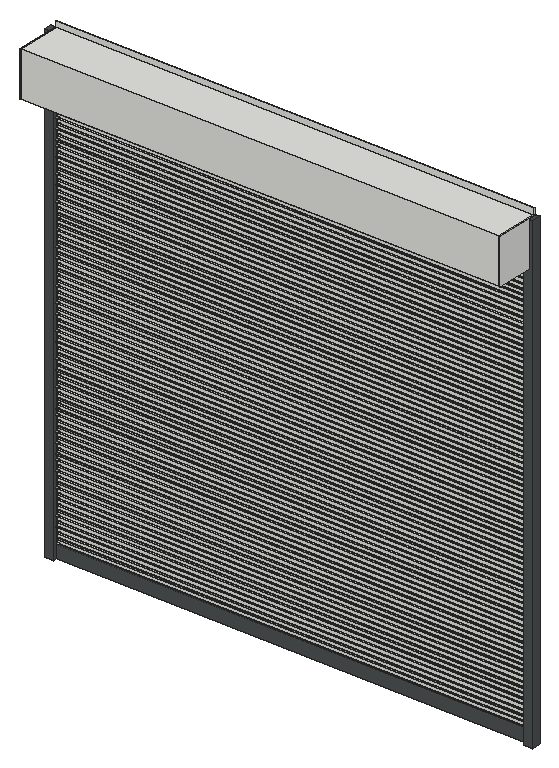
Revit family "Counter-Doors_OHD_Model-651_compact", category Specialty Equipment, host Wall, Revit 2023
Family settings
  Host = Wall
  Round Connector Dimension = Use Diameter
  Part Type = Normal
  OmniClass Number = 23.30.10.21.34
  OmniClass Title = Industrial Doors
  Enable Cutting in Views = No
  Always vertical = Yes
  Cut with Voids When Loaded = Yes
  Maintain Annotation Orientation = No
  Shared = No
  Room Calculation Point = No
Parameters (values of type "‏​Manual push-up")
  Warning Sign [instance] = if(Calculated Area > 683.00 SF, 1 = 1, 1 = 2)  # no
  Warning (Note) [instance] = if(Warning Sign, "The Door Area is out of the limit; please adjust accordingly. The maximum allowed area is 683 sq. ft.", if(Opening Height > 360", "Headroom Clearance Dimensions - out of the limits. Consult Factory", " "))  # " "
  Wall Thickness [instance] = 6"
  Voltage = 0 V
  Version = "1.00.01"  # constant formula
  True Opening Width [instance] = if(Between Jambs Mounting, Door Width True, Clear Width)  # 120"
  True Opening Height [instance] = if(Between Jambs Mounting, Clear Height + Headroom Height, Clear Height)  # 108"
  Steel \ Stainless Steel Guide [instance] = not(Aluminum Guide)  # no
  Slat Type [instance] = "F-158"  # constant formula
  Slat Length [instance] = Clear Width + Setback  # 120 7/8"
  Slat Height [instance] = 10 41/128"  # constant formula
  Slat Center Offset [instance] = if(and(Electric Operator, Motor Option Real = 2), 1 1/16", if(Aluminum Guide, 1 1/16", 1 5/8"))  # 1 1/16"
  Slat [instance] = 1  # constant formula
  Setback [instance] = if(Between Jambs Mounting, if(and(Electric Operator, Motor Option Real = 2), 7/8" - 1/4", if(Aluminum Guide, 7/8" - 1/4", 1" - 3/8")), if(and(Electric Operator, Motor Option Real = 2), 7/8", if(Aluminum Guide, 7/8", 1")))  # 7/8"
  Product Page URL = "https://www.overheaddoor.com/counter-doors-651"
  Power Factor = 1
  Powder Coat (Note) = "PowderGuard® Premium powder coat finish options are available in approximately 200 colors as well as custom matching to specification. PowderGuard® Textured finish, a thicker, more scratch resistant coat, is available in 11 colors providing enhanced scratch resistance as well as aiding in hiding the dirt and blemishes that often occur in commercial environments.​"  # constant formula
  Operator Visibility = no
  Operation (Note) [instance] = "Standard door operation is manual push-up. Door could also operate by crank, electrical operator or chain hoist. Manual push up and crank could be used up to 80 sf."  # constant formula
  Opening Width Real [instance] = if(Opening Width > Max Opening Width, Max Opening Width, if(Opening Width < Min Opening Width, Min Opening Width, Opening Width))  # 120"
  Opening Width [instance] = 120"
  Opening Height Real [instance] = if(Opening Height > Max Opening Height, Max Opening Height, if(Opening Height < Min Opening Height, Min Opening Height, Opening Height))  # 108"
  Opening Height [instance] = 108"
  One Array element [instance] = not(Array Vis)  # no
  Number of Poles = 1
  Motor Type [instance] = if(Motor Option < 2, "CDX Electric Operator", if(Motor Option = 2, "RTM Electric Operator", "RSX Electric Operator"))  # "CDX Electric Operator"
  Motor Selection (Note) [instance] = "Generic operator shown. Contact Overhead Door when dimensions are critical. "  # constant formula
  Motor Position [instance] = if(Between Jambs Mounting, if(and(Electric Operator, Motor Option Real > 2), 2 177/256", Headplate Offset), if(and(Electric Operator, Motor Option Real > 2), 2 177/256", Headplate Offset))  # 1 5/8"
  Motor Option Real [instance] = if(Electric Operator, if(Motor Option < 1, 1, if(Motor Option > 3, 3, Motor Option)), 1)  # 1
  Motor Option [instance] = 1
  Min Opening Width [instance] = 40"  # constant formula
  Min Opening Height [instance] = 40"  # constant formula
  Max Opening Width [instance] = 240"  # constant formula
  Max Opening Height [instance] = 108"  # constant formula
  Material Finish [instance] = 651 : Standard - Stainless #4
  Lookup Table = "Hood Dimensions"  # constant formula
  Lookup BD [instance] = if(or(Opening Height Real < 60", Opening Height Real = 60"), 9 1/2", 11 1/2")  # 11 1/2"
  Jambs Offset 2 [instance] = if(Between Jambs Mounting, Guide Width 2, 0")  # 0"
  Jamb Offset 1 [instance] = if(Between Jambs Mounting, Guide Width 1, 0")  # 0"
  Installation Real [instance] = if(Between Jambs Mounting, Installation Limits, Wall Thickness)  # 6"
  Installation Offset [instance] = 0"
  Installation Limits [instance] = if(Installation Offset < 0", 0", if(Installation Offset > Wall Thickness - Guide Depth, Wall Thickness - Guide Depth, Installation Offset))  # 0"
  Hood Type [instance] = "Square Hood"  # constant formula
  Hood Option [instance] = 2  # constant formula
  Hood Offset [instance] = 2"  # constant formula
  Hood Material [instance] = Stainless Steel - Overhead Door - #4 Finish
  Hood Height [instance] = Headroom Height Real - Hood Offset  # 11 1/2"
  Lookup HH [instance] = if(or(Opening Height Real < 60", Opening Height Real = 60"), 9 1/2", 11 1/2")  # 11 1/2"
  Headroom Height Real [instance] = Lookup HH + Hood Offset  # 13 1/2"
  Headroom Height [instance] = if(Between Jambs Mounting, Headroom Height Real, Headroom Height Real + 1 1/2")  # 15"
  Headplate Offset [instance] = if(Guide Option = 1, 1 5/8", if(Guide Option = 2, 2 3/4", if(Guide Option = 3, 1 15/16", if(Guide Option = 4, 1 5/16", if(Guide Option = 5, 1 5/16", if(Guide Option = 6, 2 3/8", if(Guide Option = 7, 1 15/16", 2 7/16")))))))  # 1 5/8"
  Guide Type [instance] = if(Guide Option < 2, "Face of Wall Extruded Aluminum", if(Guide Option = 2, "Face of Wall Extruded Aluminum - RTM Electric Operator", if(Guide Option = 3, "Face of Wall Rolled Steel", if(Guide Option = 4, "Between Jambs Extruded Aluminum - Push Up", if(Guide Option = 5, "Between Jambs Extruded Aluminum - Crank & Electric Operator", if(Guide Option = 6, "Between Jambs Extruded Aluminum - RTM Electric Operator", if(Guide Option = 7, "Between Jambs Rolled Steel - Push-up", "Between Jambs Rolled Steel - Crank & Electric Operator")))))))  # "Face of Wall Extruded Aluminum"
  Guide Option [instance] = if(Face Of Wall Mounting, if(Aluminum Guide, if(and(Electric Operator, Motor Option = 2), 2, 1), if(and(Electric Operator, Motor Option = 2), 2, 3)), if(Aluminum Guide, if(Manual, 4, if(and(Electric Operator, Motor Option = 2), 6, 5)), if(Manual, 7, if(and(Electric Operator, Motor Option = 2), 6, 8))))  # 1
  Guide Width 2 [instance] = if(Guide Option < 2, 2 3/4", if(Guide Option = 2, 2 3/4", if(Guide Option = 3, 2 7/8", if(Guide Option = 4, 2 3/8", if(Guide Option = 5, 2 3/8", if(Guide Option = 6, 2 3/8", if(Guide Option = 7, 1 15/16", 1 15/16")))))))  # 2 3/4"
  Guide Width 1 [instance] = if(Guide Option < 2, 2 3/4", if(Guide Option = 2, 3 5/8", if(Guide Option = 3, 2 7/8", if(Guide Option = 4, 2 3/8", if(Guide Option = 5, 4 3/4", if(Guide Option = 6, 3 3/8", if(Guide Option = 7, 1 15/16", 5 5/8")))))))  # 2 3/4"
  Guide Depth [instance] = if(and(Electric Operator, Motor Option Real = 2), 2 1/8", if(Aluminum Guide, 2 1/8", 2"))  # 2 1/8"
  Frequency = 0 Hz
  Floor To CL shaft [instance] = Clear Height + Hood Height / 2 + Hood Offset  # 115 3/4"
  Face of Wall Offset [instance] = if(Between Jambs Mounting, 0", 5")  # 5"
  Face Of Wall Mounting [instance] = not(Between Jambs Mounting)  # yes
  Electric Operator = no
  Door Width True [instance] = if(Between Jambs Mounting, Clear Width + Guide Width 1 + Guide Width 2, Clear Width)  # 120"
  Door Width (Real) [instance] = if(Between Jambs Mounting, Clear Width, if(and(Electric Operator, Motor Option Real = 2), Clear Width + 3/8" * 2, if(Aluminum Guide, Clear Width + 3/8" * 2, Clear Width + 1" / 2)))  # 120 3/4"
  Door Height True [instance] = Clear Width + Headroom Height  # 135"
  Door Height (Real) [instance] = Clear Height + Hood Offset  # 110"
  URL = "https://www.overheaddoor.com/"
  Product data url = "https://www.bimobject.com/overhead-door/product/counter-doors-651"
  Product Guid = "fdcc4cb0-6b7c-4503-b5ba-f17c1e96cb91"
  Model = "651"  # constant formula
  Manufacturer = "Overhead Door Corporation"  # constant formula
  Wall Closure = By host
  Floor To (CL) of Shaft [instance] = Clear Height + Hood Height / 2 + Hood Offset + Default Elevation Height + Countertop Thickness Real  # 151 3/4"
  Finish Material = Finish - Overhead Door - Black
  Description = "Model 651 Rolling Counter Door"  # constant formula
  Default Elevation Height [instance] = 36"
  Default Elevation = 0"
  Date Updated = "2026/05/29"  # constant formula
  Crank = no
  Countertop Thickness Real [instance] = if(Countertop Thickness < 0", 0", if(Countertop Thickness > 12", 12", Countertop Thickness))  # 0"
  Countertop Thickness [instance] = 0"
  Clear Width [instance] = if(Between Jambs Mounting, Opening Width Real - Guide Width 2 - Guide Width 1, Opening Width Real)  # 120"
  Clear Height [instance] = if(Between Jambs Mounting, Opening Height Real - Headroom Height, Opening Height Real)  # 108"
  Manual = yes
  Current = 0 A
  Connector Array Distance = 0"  # constant formula
  Connector Array = if(Manual, 2, 3)  # 2
  BimObject_Variable_Connectors = "No"  # constant formula
  Between Jambs Mounting [instance] = no
  Bar [instance] = 1 = 1  # yes
  Backroom Depth [instance] = Lookup BD  # 11 1/2"
  BJ Opening Cut [instance] = if(Between Jambs Mounting, Headroom Height, 0")  # 0"
  Array Vis [instance] = if(Array < 2, 1 = 2, 1 = 1)  # yes
  Array Real [instance] = if(Array < 2, 2, Array)  # 11
  Array Length [instance] = (Array) * Slat Height  # 113 67/128"
  Array [instance] = rounddown(([Door Height (Real)] - 3 1/2") / Slat Height) + 1  # 11
  Calculated Area [instance] = [Door Width (Real)] * [Door Height (Real)]  # 92.2396 SF
  Apparent Load Phase 3 = if(Number of Poles = 1, 0 VA, (Voltage * Current * sqrt(3)) / 3)  # 0 VA
  Apparent Load Phase 2 = if(Number of Poles = 1, 0 VA, (Voltage * Current * sqrt(3)) / 3)  # 0 VA
  Apparent Load Phase 1 = if(Number of Poles = 1, Voltage * Current, (Voltage * Current * sqrt(3)) / 3)  # 0 VA
  Aluminum Guide [instance] = yes
Reference planes (in)
  plane 1 "Center (Front/Back)": y = -14.625
  plane 2 "Center (Left/Right)": x = 0
  plane 3 "Left": x = -60
  plane 4 "Right": x = 60
  plane 5 "Exterior": y = -8.625
  plane 6 "Interior": y = -14.625
  plane 7: z = 144
  plane 8 "Backroom Depth": y = -26.125
  plane 9 "Bottom Bar": z = 39.5
  plane 10: z = 153.02344
  plane 11: z = 157.5
  plane 12: z = 146
  plane 13: z = 159
  plane 14: z = 0
  plane 15: z = 90
  plane 16: y = -15.9375
  plane 17: y = 18.375
  plane 18: y = -41.625
  plane 19 "Headroom Top": z = 159
  plane 20: z = 151.75
  plane 21: z = 142.70312
  plane 22: z = 36
  plane 23: x = 62.75
  plane 24: x = -62.75
  plane 25: y = -15.6875
  plane 26: x = 61.625
  plane 27: z = 36
  plane 28: z = 39.5
  plane 29: y = -15.9375
  plane 30: z = 142.70313
  plane 31: y = -15.9375
  plane 32: z = 49.82031
  plane 33: y = -15.9375
  plane 34: z = 60.14063
  plane 35: y = -15.9375
  plane 36: z = 70.46094
  plane 37: y = -15.9375
  plane 38: z = 80.78125
  plane 39: y = -15.9375
  plane 40: z = 91.10156
  plane 41: y = -15.9375
  plane 42: z = 101.42188
  plane 43: y = -15.9375
  plane 44: z = 111.74219
  plane 45: y = -15.9375
  plane 46: z = 122.0625
  plane 47: y = -15.9375
  plane 48: z = 132.38281
  plane 49: y = -15.9375
Forms (in)
  Extrusion 1, void
    sketch origin (0, -20.625, 0) x (0, 0, -1) y (-1, 0, 0)
      loop
        line (-144, 60) -> (-144, -60) -> (-36, -60) -> (-36, 60) -> (-144, 60)
    from 6 to 12
Text (in)
  text "Exterior" at (-74.96733, 27.31104, 0), in view "Ref. Level"
  text "Interior" at (-74.96733, -25.14366, 0), in view "Ref. Level"
  text "Exterior" at (0, 40.15149, 123.01588), in view "Right"
  text "Interior" at (0, -64.39139, 123.01588), in view "Right"
  text "Interior" at (0, -31.01599, 123.00693), in view "Left"
  text "Exterior" at (0, 54.57065, 123.00693), in view "Left"
Dimensions and locks (in)
  equal spacing: plane 3 "Left", plane 2 "Center (Left/Right)", plane 4 "Right"
  "Clear Width": plane 3 "Left" to plane 4 "Right"
  level to host wall = 459.59655"
  "Array Length": plane 10 to plane 9 "Bottom Bar"
  "Backroom Depth": plane 8 "Backroom Depth" to plane 1 "Center (Front/Back)"
  "Hood Height": plane 11 to plane 12
  locked: plane 13 to plane 11 at 1.5
  "Installation Real": plane 1 "Center (Front/Back)" to plane 5 "Exterior"
  "Wall Thickness": host wall to host wall
  equal spacing: plane 17, host wall, plane 18
  locked: plane 17 to plane 18 at 60
  "BJ Opening Cut": Extrusion 1 sketch curve to plane 7
  "Hood Offset": plane 12 to plane 7
  "Headroom Height": plane 19 "Headroom Top" to plane 7
  "Floor To (CL) of Shaft": plane 20 to level
  "Jamb Offset 1": plane 4 "Right" to Extrusion 1 sketch curve
  "Jambs Offset 2": Extrusion 1 sketch curve to plane 3 "Left"
  "Slat Height": plane 10 to plane 21
  equal spacing: group 1, group 3, group 4, group 5, group 6, group 7, group 8, group 9, group 10, group 11, group 2  (x3)
  equal spacing: plane 7, plane 15, plane 22
  "Clear Height": plane 7 to plane 22
  locked: plane 9 "Bottom Bar" to plane 22 at 3.5
  "Guide Width 1": plane 4 "Right" to plane 23
  "Guide Width 2": plane 24 to plane 3 "Left"
  plane 24 to plane 23 = 125 1/2"
  "Slat Center Offset": plane 25 to plane 1 "Center (Front/Back)"
  locked: plane 16 to plane 25 at 0.25
  "Motor Position": plane 4 "Right" to plane 26
  "Default Elevation Height": plane 27 to plane 14
  "Countertop Thickness Real": plane 22 to plane 27
  aligned and locked: plane 5 "Exterior" to host wall
  aligned and locked: host wall to plane 6 "Interior"
  aligned and locked: Extrusion 1 to plane 5 "Exterior"
  aligned and locked: Extrusion 1 to plane 6 "Interior"
  aligned and locked: level to plane 14
  aligned and locked: plane 2 "Center (Left/Right)" to nested 1
  aligned and locked: nested 1 to plane 17
  aligned and locked: plane 18 to nested 2
  aligned and locked: nested 2 to plane 2 "Center (Left/Right)"
  aligned and locked: nested 3 to plane 15
  aligned and locked: plane 2 "Center (Left/Right)" to nested 3
  aligned and locked: plane 9 "Bottom Bar" to nested 5
  aligned and locked: nested 5 to plane 16
  aligned and locked: nested 3 to plane 16
  aligned and locked: plane 2 "Center (Left/Right)" to nested 15
  aligned and locked: plane 1 "Center (Front/Back)" to nested 15
  aligned and locked: plane 26 to nested 16
  aligned and locked: plane 11 to nested 16
  aligned and locked: nested 16 to plane 5 "Exterior"
  aligned and locked: Extrusion 1 sketch curve to plane 27
  aligned and locked: plane 29 to plane 16
  aligned and locked: plane 9 "Bottom Bar" to plane 28
  aligned and locked: plane 21 to plane 30
  aligned and locked: plane 31 to plane 16
Nested families (in)
  nested 1: "Label Annotation 1" at (0, 18.375, 0), visible <- "Warning Sign", type "Label Annotation 1"
  nested 2: "Label Annotation 1" at (0, -41.625, 0) x (-1, 0, 0) z (0, 0, 1), visible <- "Warning Sign", type "Label Annotation 1"
  nested 3: "Warning Sign" at (0, -15.9375, 90), visible <- "Warning Sign", type "Warning Sign"
    with Warning Sign no
  nested 4: "651" at (0, -15.937, 39.5), Opening Width <- "Slat Length", type <- "Material Finish", visible <- "Array Vis", type "Standard - Stainless #4"
    with Void Offset 1", Void Height 1", Slat Width 1/2", Slat Position + Offset 9.57", Slat Position 9.03", Slat Option 1, Opening Width 120 7/8", Integrated Cutout no, F-158 yes, F 265, FE 265 no, Cutout Width Offset 1", Cutout Vertical Offset 0.54", Cutout Horizontal Offset 1", C 275 no, Standard yes
  nested 5: "651" at (0, -15.9375, 39.5), visible <- "One Array element", Opening Width <- "Slat Length", type <- "Material Finish", type "Standard - Stainless #4"
    with Void Offset 1", Void Height 1", Slat Width 1/2", Slat Position + Offset 9.57", Slat Position 9.03", Slat Option 1, Opening Width 120 7/8", Integrated Cutout no, F-158 yes, F 265, FE 265 no, Cutout Width Offset 1", Cutout Vertical Offset 0.54", Cutout Horizontal Offset 1", C 275 no, Standard yes
  nested 6: "651" at (0, -15.937, 142.70313), Opening Width <- "Slat Length", type <- "Material Finish", visible <- "Array Vis", type "Standard - Stainless #4"
    with Void Offset 1", Void Height 1", Slat Width 1/2", Slat Position + Offset 9.57", Slat Position 9.03", Slat Option 1, Opening Width 120 7/8", Integrated Cutout no, F-158 yes, F 265, FE 265 no, Cutout Width Offset 1", Cutout Vertical Offset 0.54", Cutout Horizontal Offset 1", C 275 no, Standard yes
  nested 7: "651" at (0, -15.937, 49.82031), Opening Width <- "Slat Length", type <- "Material Finish", visible <- "Array Vis", type "Standard - Stainless #4"
    with Void Offset 1", Void Height 1", Slat Width 1/2", Slat Position + Offset 9.57", Slat Position 9.03", Slat Option 1, Opening Width 120 7/8", Integrated Cutout no, F-158 yes, F 265, FE 265 no, Cutout Width Offset 1", Cutout Vertical Offset 0.54", Cutout Horizontal Offset 1", C 275 no, Standard yes
  nested 8: "651" at (0, -15.937, 60.14062), Opening Width <- "Slat Length", type <- "Material Finish", visible <- "Array Vis", type "Standard - Stainless #4"
    with Void Offset 1", Void Height 1", Slat Width 1/2", Slat Position + Offset 9.57", Slat Position 9.03", Slat Option 1, Opening Width 120 7/8", Integrated Cutout no, F-158 yes, F 265, FE 265 no, Cutout Width Offset 1", Cutout Vertical Offset 0.54", Cutout Horizontal Offset 1", C 275 no, Standard yes
  nested 9: "651" at (0, -15.937, 70.46094), Opening Width <- "Slat Length", type <- "Material Finish", visible <- "Array Vis", type "Standard - Stainless #4"
    with Void Offset 1", Void Height 1", Slat Width 1/2", Slat Position + Offset 9.57", Slat Position 9.03", Slat Option 1, Opening Width 120 7/8", Integrated Cutout no, F-158 yes, F 265, FE 265 no, Cutout Width Offset 1", Cutout Vertical Offset 0.54", Cutout Horizontal Offset 1", C 275 no, Standard yes
  nested 10: "651" at (0, -15.937, 80.78125), Opening Width <- "Slat Length", type <- "Material Finish", visible <- "Array Vis", type "Standard - Stainless #4"
    with Void Offset 1", Void Height 1", Slat Width 1/2", Slat Position + Offset 9.57", Slat Position 9.03", Slat Option 1, Opening Width 120 7/8", Integrated Cutout no, F-158 yes, F 265, FE 265 no, Cutout Width Offset 1", Cutout Vertical Offset 0.54", Cutout Horizontal Offset 1", C 275 no, Standard yes
  nested 11: "651" at (0, -15.937, 91.10156), Opening Width <- "Slat Length", type <- "Material Finish", visible <- "Array Vis", type "Standard - Stainless #4"
    with Void Offset 1", Void Height 1", Slat Width 1/2", Slat Position + Offset 9.57", Slat Position 9.03", Slat Option 1, Opening Width 120 7/8", Integrated Cutout no, F-158 yes, F 265, FE 265 no, Cutout Width Offset 1", Cutout Vertical Offset 0.54", Cutout Horizontal Offset 1", C 275 no, Standard yes
  nested 12: "651" at (0, -15.937, 101.42187), Opening Width <- "Slat Length", type <- "Material Finish", visible <- "Array Vis", type "Standard - Stainless #4"
    with Void Offset 1", Void Height 1", Slat Width 1/2", Slat Position + Offset 9.57", Slat Position 9.03", Slat Option 1, Opening Width 120 7/8", Integrated Cutout no, F-158 yes, F 265, FE 265 no, Cutout Width Offset 1", Cutout Vertical Offset 0.54", Cutout Horizontal Offset 1", C 275 no, Standard yes
  nested 13: "651" at (0, -15.937, 111.74219), Opening Width <- "Slat Length", type <- "Material Finish", visible <- "Array Vis", type "Standard - Stainless #4"
    with Void Offset 1", Void Height 1", Slat Width 1/2", Slat Position + Offset 9.57", Slat Position 9.03", Slat Option 1, Opening Width 120 7/8", Integrated Cutout no, F-158 yes, F 265, FE 265 no, Cutout Width Offset 1", Cutout Vertical Offset 0.54", Cutout Horizontal Offset 1", C 275 no, Standard yes
  nested 14: "651" at (0, -15.937, 122.0625), Opening Width <- "Slat Length", type <- "Material Finish", visible <- "Array Vis", type "Standard - Stainless #4"
    with Void Offset 1", Void Height 1", Slat Width 1/2", Slat Position + Offset 9.57", Slat Position 9.03", Slat Option 1, Opening Width 120 7/8", Integrated Cutout no, F-158 yes, F 265, FE 265 no, Cutout Width Offset 1", Cutout Vertical Offset 0.54", Cutout Horizontal Offset 1", C 275 no, Standard yes
  nested 15: "Lifts" at (0, -14.625, 36) x (-1, 0, 0) z (0, 0, 1), type "Frame Unit"
    with Floor To (CL) of Shaft 115 3/4"
  nested 16: "Motor" at (58.6355, -26.125, 146), visible <- "Operator Visibility", type "Trolley Motor"
  nested 17: "651" at (0, -15.937, 132.38281), Opening Width <- "Slat Length", type <- "Material Finish", visible <- "Array Vis", type "Standard - Stainless #4"
    with Void Offset 1", Void Height 1", Slat Width 1/2", Slat Position + Offset 9.57", Slat Position 9.03", Slat Option 1, Opening Width 120 7/8", Integrated Cutout no, F-158 yes, F 265, FE 265 no, Cutout Width Offset 1", Cutout Vertical Offset 0.54", Cutout Horizontal Offset 1", C 275 no, Standard yes
Connectors (in)
  electrical at (61.625, -20.375, 151.75), driven by "Apparent Load Phase 1", driven by "Power Factor", driven by "Apparent Load Phase 3", driven by "Apparent Load Phase 2", driven by "Voltage", driven by "Number of Poles"
    settings: on nested 16, index 1, voltage 0 V, apparent load 0 VA, apparent load phase1 0 VA, apparent load phase2 0 VA, apparent load phase3 0 VA, power factor 1, load classification "Other", number of poles 1, system type 31, power factor state 1, is connector primary yes, connector utility no, sub classification motor no, connector description "Electrical Connector"
Definition of nested family "651"
  Parameters (values of type "Perforated - Gray")
    Void Offset [instance] = if(Integrated Cutout, 0", 1")  # 1"
    Void Height [instance] = 1"  # constant formula
    Standard = no
    Slat Width [instance] = 1/2"  # constant formula
    Slat Position + Offset [instance] = Slat Position + Cutout Vertical Offset  # 9.57"
    Slat Position [instance] = 1.29" * 7  # 9.03"
    Slat Option [instance] = 1
    Rough Height = 0"
    Perforation = no
    Fenestration Small = no
    Fenestration Large = 1 = 2  # no
    Cutout Width Offset [instance] = 1"  # constant formula
    Cutout Material 2 = none
    Cutout Horizontal Offset [instance] = 1"  # constant formula
    Cutout Material = none
    Panel Material = none
    Opening Width [instance] = 123 5/8"
    Cutout Vertical Offset [instance] = 0.54"  # constant formula
    F 265, FE 265 [instance] = 1 = 2  # no
    Default Elevation = 48"
    Integrated Cutout [instance] = if(or(Perforation, Fenestration Small), 1 = 1, 1 = 2)  # no
    C 275 [instance] = 1 = 2  # no
    F-158 [instance] = 1 = 1  # yes
    Analytic Construction = "<None>"
  Types (7): name | Void Offset | Standard | Fenestration Small | Integrated Cutout
    Standard - Tan | 1" | yes | no | no
    Standard - Gray | 1" | yes | no | no
    Perforated - Gray | 1" | no | no | no
    Fenestration 0.625”x3” - Gray | 0" | no | yes | yes
    Fenestration 0.625”x3” - Tan | 0" | no | yes | yes
    Vision lites 0.625”x3” - Tan | 0" | no | yes | yes
    Vision lites 0.625”x3” - Gray | 0" | no | yes | yes
  Reference planes (in)
    plane 1 "Center (Front/Back)": y = 0
    plane 2: z = 0
    plane 3 "Center (Left/Right)": x = 0
    plane 4: x = -61.8125
    plane 5: x = 61.8125
    plane 6: y = 0.5
    plane 7: y = 0
    plane 8: y = 0.25
    plane 9: y = 0.47
    plane 10: x = -60.8125
    plane 11: x = 60.8125
  Forms (in)
    Extrusion 1, solid, material <- "Panel Material", visible <- "F-158"
      sketch origin (0, -4.98186, 13.12534) x (0, 1, 0) y (0, 0, 1)
        loop
          arc (5.40186, -13.23015) -> (5.45843, -13.20672) -> (5.48186, -13.15015) r 0.08
          line (5.48186, -13.15015) -> (5.48186, -12.01975)
          arc (5.48186, -12.01975) -> (5.45843, -11.96318) -> (5.40186, -11.94015) r 0.08
          arc (5.40186, -11.94015) -> (5.45843, -11.91672) -> (5.48186, -11.86015) r 0.08
          line (5.48186, -11.86015) -> (5.48186, -10.72975)
          arc (5.48186, -10.72975) -> (5.45843, -10.67318) -> (5.40186, -10.65015) r 0.08
          arc (5.40186, -10.65015) -> (5.45843, -10.62672) -> (5.48186, -10.57015) r 0.08
          line (5.48186, -10.57015) -> (5.48186, -9.43975)
          arc (5.48186, -9.43975) -> (5.45843, -9.38318) -> (5.40186, -9.36015) r 0.08
          arc (5.40186, -9.36015) -> (5.45843, -9.33672) -> (5.48186, -9.28015) r 0.08
          line (5.48186, -9.28015) -> (5.48186, -8.14975)
          arc (5.48186, -8.14975) -> (5.45843, -8.09318) -> (5.40186, -8.07015) r 0.08
          arc (5.40186, -8.07015) -> (5.45843, -8.04672) -> (5.48186, -7.99015) r 0.08
          line (5.48186, -7.99015) -> (5.48186, -6.85975)
          arc (5.48186, -6.85975) -> (5.45843, -6.80318) -> (5.40186, -6.78015) r 0.08
          arc (5.40186, -6.78015) -> (5.45843, -6.75672) -> (5.48186, -6.70015) r 0.08
          line (5.48186, -6.70015) -> (5.48186, -5.56975)
          arc (5.48186, -5.56975) -> (5.45843, -5.51318) -> (5.40186, -5.49015) r 0.08
          arc (5.40186, -5.49015) -> (5.45843, -5.46672) -> (5.48186, -5.41015) r 0.08
          line (5.48186, -5.41015) -> (5.48186, -4.27975)
          arc (5.48186, -4.27975) -> (5.45843, -4.22318) -> (5.40186, -4.20015) r 0.08
          arc (5.40186, -4.20015) -> (5.45843, -4.17672) -> (5.48186, -4.12015) r 0.08
          line (5.48186, -4.12015) -> (5.48186, -2.98975)
          arc (5.48186, -2.98975) -> (5.45843, -2.93318) -> (5.40186, -2.90975) r 0.08
          line (5.40186, -2.90975) -> (5.22937, -2.90975)
          arc (5.22937, -2.90975) -> (5.05999, -2.70129) -> (5.06854, -2.96975) r 0.14173
          line (5.06854, -2.96975) -> (5.38631, -2.96975)
          arc (5.38631, -2.96975) -> (5.41145, -2.98016) -> (5.42186, -3.0053) r 0.03555
          line (5.42186, -3.0053) -> (5.42186, -4.11914)
          arc (5.42186, -4.11914) -> (5.41437, -4.13549) -> (5.39767, -4.14216) r 0.02421
          line (5.39767, -4.14216) -> (5.18922, -4.14216)
          arc (5.18922, -4.14216) -> (4.99446, -4.11507) -> (5.12739, -4.25997) r 0.10448
          line (5.12739, -4.25997) -> (5.40191, -4.25997)
          arc (5.40191, -4.25997) -> (5.41598, -4.26579) -> (5.4218, -4.27986) r 0.01989
          line (5.4218, -4.27986) -> (5.4218, -5.41015)
          arc (5.4218, -5.41015) -> (5.41596, -5.42428) -> (5.40183, -5.43013) r 0.01997
          line (5.40183, -5.43013) -> (5.18937, -5.43013)
          arc (5.18937, -5.43013) -> (4.99364, -5.40454) -> (5.12735, -5.54975) r 0.105
          line (5.12735, -5.54975) -> (5.40186, -5.54975)
          arc (5.40186, -5.54975) -> (5.416, -5.55561) -> (5.42186, -5.56975) r 0.02
          line (5.42186, -5.56975) -> (5.42186, -6.70015)
          arc (5.42186, -6.70015) -> (5.416, -6.71429) -> (5.40186, -6.72015) r 0.02
          line (5.40186, -6.72015) -> (5.18937, -6.72015)
          arc (5.18937, -6.72015) -> (4.99365, -6.69454) -> (5.12735, -6.83975) r 0.105
          line (5.12735, -6.83975) -> (5.40186, -6.83975)
          arc (5.40186, -6.83975) -> (5.416, -6.84561) -> (5.42186, -6.85975) r 0.02
          line (5.42186, -6.85975) -> (5.42186, -7.99015)
          arc (5.42186, -7.99015) -> (5.416, -8.00429) -> (5.40186, -8.01015) r 0.02
          line (5.40186, -8.01015) -> (5.18937, -8.01015)
          arc (5.18937, -8.01015) -> (4.99364, -7.98454) -> (5.12735, -8.12975) r 0.105
          line (5.12735, -8.12975) -> (5.40186, -8.12975)
          arc (5.40186, -8.12975) -> (5.416, -8.13561) -> (5.42186, -8.14975) r 0.02
          line (5.42186, -8.14975) -> (5.42186, -9.28015)
          arc (5.42186, -9.28015) -> (5.416, -9.29429) -> (5.40186, -9.30015) r 0.02
          line (5.40186, -9.30015) -> (5.18937, -9.30015)
          arc (5.18937, -9.30015) -> (4.99364, -9.27454) -> (5.12735, -9.41975) r 0.105
          line (5.12735, -9.41975) -> (5.40186, -9.41975)
          arc (5.40186, -9.41975) -> (5.416, -9.42561) -> (5.42186, -9.43975) r 0.02
          line (5.42186, -9.43975) -> (5.42186, -10.57015)
          arc (5.42186, -10.57015) -> (5.416, -10.58429) -> (5.40186, -10.59015) r 0.02
          line (5.40186, -10.59015) -> (5.18937, -10.59015)
          arc (5.18937, -10.59015) -> (4.99364, -10.56454) -> (5.12735, -10.70975) r 0.105
          line (5.12735, -10.70975) -> (5.40186, -10.70975)
          arc (5.40186, -10.70975) -> (5.416, -10.71561) -> (5.42186, -10.72975) r 0.02
          line (5.42186, -10.72975) -> (5.42186, -11.86015)
          arc (5.42186, -11.86015) -> (5.416, -11.87429) -> (5.40186, -11.88015) r 0.02
          line (5.40186, -11.88015) -> (5.18937, -11.88015)
          arc (5.18937, -11.88015) -> (4.99364, -11.85454) -> (5.12735, -11.99975) r 0.105
          line (5.12735, -11.99975) -> (5.40186, -11.99975)
          arc (5.40186, -11.99975) -> (5.416, -12.00561) -> (5.42186, -12.01975) r 0.02
          line (5.42186, -12.01975) -> (5.42186, -13.15015)
          arc (5.42186, -13.15015) -> (5.416, -13.16429) -> (5.40186, -13.17015) r 0.02
          line (5.40186, -13.17015) -> (5.18153, -13.17015)
          arc (5.18153, -13.17015) -> (5.03054, -13.03641) -> (5.08666, -13.23015) r 0.105
          line (5.08666, -13.23015) -> (5.40186, -13.23015)
      from -61.8125 to 61.8125
    Extrusion 2, void
      sketch origin (0, 0, 0) x (0, 1, 0) y (0, 0, 1)
        loop
          line (1.44, 1.04) -> (1.44, 0.04) -> (1.5, 0.04) -> (1.5, 1.04) -> (1.44, 1.04)
        loop
          line (1.44, 2.33) -> (1.44, 1.33) -> (1.5, 1.33) -> (1.5, 2.33) -> (1.44, 2.33)
        loop
          line (1.44, 3.62) -> (1.44, 2.62) -> (1.5, 2.62) -> (1.5, 3.62) -> (1.44, 3.62)
        loop
          line (1.44, 4.91) -> (1.44, 3.91) -> (1.5, 3.91) -> (1.5, 4.91) -> (1.44, 4.91)
        loop
          line (1.44, 6.2) -> (1.44, 5.2) -> (1.5, 5.2) -> (1.5, 6.2) -> (1.44, 6.2)
        loop
          line (1.44, 7.49) -> (1.44, 6.49) -> (1.5, 6.49) -> (1.5, 7.49) -> (1.44, 7.49)
        loop
          line (1.44, 8.78) -> (1.44, 7.78) -> (1.5, 7.78) -> (1.5, 8.78) -> (1.44, 8.78)
        loop
          line (1.44, 10.07) -> (1.44, 9.07) -> (1.5, 9.07) -> (1.5, 10.07) -> (1.44, 10.07)
      from -60.8125 to 60.8125
  Cuts and joins
    Extrusion 2 cuts Extrusion 1
  Lines and regions (in)
    reference lines
      curve 1: line (0, -4.98186, 12.78) -> (0, 9.9577, 12.78)
      curve 2: line (0, -2.86663, 9.57) -> (0, 7.60337, 9.57)
      curve 3: line (0, -2.86663, 5.7) -> (0, 7.60337, 5.7)
      curve 4: line (0, -2.86663, 4.41) -> (0, 7.60337, 4.41)
      curve 5: line (0, -2.86663, 3.12) -> (0, 7.60337, 3.12)
      curve 6: line (0, -2.86663, 0.54) -> (0, 7.60337, 0.54)
      curve 7: line (0, -2.86663, 1.83) -> (0, 7.60337, 1.83)
      curve 8: line (0, -2.86663, 6.99) -> (0, 7.60337, 6.99)
      curve 9: line (0, -2.86663, 8.28) -> (0, 7.60337, 8.28)
  Dimensions and locks (in)
    equal spacing: plane 4, plane 3 "Center (Left/Right)", plane 5
    "Opening Width": plane 4 to plane 5
    "Slat Width": plane 1 "Center (Front/Back)" to plane 6
    equal spacing: plane 1 "Center (Front/Back)", plane 8, plane 6
    locked: plane 9 to plane 6 at 0.03
    "Cutout Width Offset": plane 4 to plane 10
    "Cutout Width Offset": plane 5 to plane 11
    "Void Height": Extrusion 2 sketch curve to Extrusion 2 sketch curve  (x8)
    locked: Extrusion 2 sketch curve to Extrusion 2 sketch curve at 0.06  (x8)
    "Void Offset": plane 6 to Extrusion 2 sketch curve
    locked: curve 1 to level at 12.78
    "Slat Position": curve 6 to curve 2
    equal spacing: Extrusion 2 sketch curve, curve 3, Extrusion 2 sketch curve
    equal spacing: Extrusion 2 sketch curve, curve 4, Extrusion 2 sketch curve
    equal spacing: Extrusion 2 sketch curve, curve 6, Extrusion 2 sketch curve
    equal spacing: Extrusion 2 sketch curve, curve 5, Extrusion 2 sketch curve
    equal spacing: Extrusion 2 sketch curve, curve 7, Extrusion 2 sketch curve
    "Cutout Vertical Offset": curve 6 to plane 2
    equal spacing: curve 6, curve 7, curve 5, curve 4, curve 3, curve 8, curve 9, curve 2
    equal spacing: Extrusion 2 sketch curve, curve 9, Extrusion 2 sketch curve
    equal spacing: Extrusion 2 sketch curve, curve 8, Extrusion 2 sketch curve
    equal spacing: Extrusion 2 sketch curve, curve 2, Extrusion 2 sketch curve
    aligned and locked: plane 2 to level
    aligned and locked: plane 1 "Center (Front/Back)" to plane 7
    aligned and locked: plane 5 to Extrusion 1
    aligned and locked: plane 4 to Extrusion 1
    aligned and locked: plane 9 to nested 1
    aligned and locked: plane 3 "Center (Left/Right)" to nested 1
    aligned and locked: Extrusion 2 sketch curve to Extrusion 2 sketch curve  (x7)
    aligned and locked: plane 10 to Extrusion 2
    aligned and locked: plane 11 to Extrusion 2
    aligned and locked: plane 3 "Center (Left/Right)" to nested 2
    aligned and locked: plane 3 "Center (Left/Right)" to nested 3
    aligned and locked: plane 3 "Center (Left/Right)" to nested 4
    aligned and locked: plane 3 "Center (Left/Right)" to nested 5
    aligned and locked: plane 9 to nested 2
    aligned and locked: plane 9 to nested 3
    aligned and locked: plane 9 to nested 4
    aligned and locked: plane 9 to nested 5
    aligned and locked: plane 9 to nested 6
    aligned and locked: plane 9 to nested 7
    aligned and locked: plane 9 to nested 8
    aligned and locked: nested 8 to curve 2
    aligned and locked: nested 7 to curve 9
    aligned and locked: nested 6 to curve 8
    aligned and locked: plane 3 "Center (Left/Right)" to nested 8
    aligned and locked: plane 3 "Center (Left/Right)" to nested 7
    aligned and locked: plane 3 "Center (Left/Right)" to nested 6
  Automatic sketch dimensions
    plane 1 "Center (Front/Back)" to curve 1 = 4.98186"
    plane 1 "Center (Front/Back)" to curve 9 = 2.86663"
    curve 2 to curve 9 = 0"
    plane 1 "Center (Front/Back)" to curve 7 = 2.86663"
    curve 3 to curve 9 = 0"
    curve 6 to curve 7 = 0"
    curve 4 to curve 3 = 0"  (x2)
    curve 8 to curve 3 = 0"  (x2)
    curve 5 to curve 4 = 0"  (x2)
    curve 3 to plane 6 = 7.10337"
    curve 6 to curve 3 = 0"
    curve 2 to curve 3 = 0"
    curve 7 to curve 6 = 0"
    curve 9 to curve 8 = 0"
    curve 2 to curve 1 = 2.35433"
    Extrusion 1 sketch curve to Extrusion 1 sketch curve = 0"  (x30)
    Extrusion 1 sketch curve to plane 6 = 0"  (x8)
    plane 9 to Extrusion 1 sketch curve = 0.03"  (x7)
    plane 9 to Extrusion 1 sketch curve = 0.03006"
    Extrusion 1 sketch curve to Extrusion 1 sketch curve = 0.02419"
    Extrusion 1 sketch curve to Extrusion 1 sketch curve = 0.01989"
    Extrusion 1 sketch curve to Extrusion 1 sketch curve = 0.02"  (x11)
    plane 9 to Extrusion 1 sketch curve = 0.05"  (x2)
    Extrusion 1 sketch curve to Extrusion 1 sketch curve = 0.00419"
    Extrusion 1 sketch curve to Extrusion 1 sketch curve = 0.00005"
    Extrusion 1 sketch curve to Extrusion 1 sketch curve = 0.01994"
    Extrusion 1 sketch curve to Extrusion 1 sketch curve = 0.00003"
    Extrusion 1 sketch curve to Extrusion 1 sketch curve = 0.01555"  (x2)
    plane 8 to Extrusion 1 sketch curve = 0.04249"  (x6)
    plane 8 to Extrusion 1 sketch curve = 0.04264"
    plane 8 to Extrusion 1 sketch curve = 0.05033"
    plane 8 to Extrusion 1 sketch curve = 0.10447"
    plane 8 to Extrusion 1 sketch curve = 0.10451"  (x6)
    Extrusion 1 sketch curve to Extrusion 1 sketch curve = 0.04042"
    Extrusion 1 sketch curve to plane 1 "Center (Front/Back)" = 0.105"  (x4)
    Extrusion 1 sketch curve to Extrusion 1 sketch curve = 0.04049"
    Extrusion 1 sketch curve to Extrusion 1 sketch curve = 0.10251"
    level to Extrusion 1 sketch curve = 0.0002"
    Extrusion 1 sketch curve to plane 1 "Center (Front/Back)" = 0.1048"
    level to Extrusion 1 sketch curve = 1.10559"
    Extrusion 1 sketch curve to Extrusion 1 sketch curve = 0.09688"  (x6)
    Extrusion 1 sketch curve to Extrusion 1 sketch curve = 1.13039"  (x5)
    Extrusion 1 sketch curve to Extrusion 1 sketch curve = 0.01997"
    Extrusion 1 sketch curve to Extrusion 1 sketch curve = 1.13029"
    Extrusion 1 sketch curve to Extrusion 1 sketch curve = 0.00011"
    Extrusion 1 sketch curve to Extrusion 1 sketch curve = 0.09634"
    Extrusion 1 sketch curve to Extrusion 1 sketch curve = 0.02202"
    Extrusion 1 sketch curve to Extrusion 1 sketch curve = 0.001"
    Extrusion 1 sketch curve to Extrusion 1 sketch curve = 1.11265"
    Extrusion 1 sketch curve to Extrusion 1 sketch curve = 0.07567"
    plane 8 to Extrusion 1 sketch curve = 0.00249"
    Extrusion 1 sketch curve to plane 1 "Center (Front/Back)" = 0.08668"
  Nested families (in)
    nested 1: "Perforation" at (0, 0.47, 0.54), visible <- "Integrated Cutout", type "Perforation"
      with Offset 1"
    nested 2: "Perforation" at (0, 0.47, 1.83), visible <- "Integrated Cutout", type "Perforation"
      with Offset 1"
    nested 3: "Perforation" at (0, 0.47, 3.12), visible <- "Integrated Cutout", type "Perforation"
      with Offset 1"
    nested 4: "Perforation" at (0, 0.47, 4.41), visible <- "Integrated Cutout", type "Perforation"
      with Offset 1"
    nested 5: "Perforation" at (0, 0.47, 5.7), visible <- "Integrated Cutout", type "Perforation"
      with Offset 1"
    nested 6: "Perforation" at (0, 0.47, 6.99), visible <- "Integrated Cutout", type "Perforation"
      with Offset 1"
    nested 7: "Perforation" at (0, 0.47, 8.28), visible <- "Integrated Cutout", type "Perforation"
      with Offset 1"
    nested 8: "Perforation" at (0, 0.47, 9.57), visible <- "Integrated Cutout", type "Perforation"
      with Offset 1"
  Definition of nested family "Perforation"
    Parameters (values of type "Perforation")
      Perforation = none
      Opening Width = 123 5/8"
      Offset = 2"
      Height = 1"
      Default Elevation = 48"
    Reference planes (in)
      plane 1 "Center (Front/Back)": y = 0
      plane 2: z = 0
      plane 3 "Center (Left/Right)": x = 0
      plane 4: z = 0.5
      plane 5: z = -0.5
      plane 6: y = -0.03
      plane 7: y = 0.03
      plane 8: x = -61.8125
      plane 9: x = 61.8125
      plane 10: x = -59.8125
      plane 11: x = 59.8125
    Forms (in)
      Extrusion 1, solid, material <- "Perforation"
        sketch origin (0, -0.19, 0) x (0, 1, 0) y (0, 0, 1)
          loop
            line (0.16, 0.5) -> (0.16, -0.5) -> (0.22, -0.5) -> (0.22, 0.5) -> (0.16, 0.5)
        from -59.8125 to 59.8125
    Dimensions and locks (in)
      equal spacing: plane 4, level, plane 5
      "Height": plane 4 to plane 5
      equal spacing: plane 6, plane 1 "Center (Front/Back)", plane 7
      locked: plane 6 to plane 7 at 0.06
      "Opening Width": plane 8 to plane 9
      "Offset": plane 8 to plane 10
      "Offset": plane 9 to plane 11
      equal spacing: plane 8, plane 3 "Center (Left/Right)", plane 9
      aligned and locked: plane 2 to level
      aligned and locked: plane 4 to Extrusion 1
      aligned and locked: Extrusion 1 to plane 5
      aligned and locked: plane 6 to Extrusion 1
      aligned and locked: plane 7 to Extrusion 1
      aligned and locked: Extrusion 1 to plane 10
      aligned and locked: plane 11 to Extrusion 1
    Automatic sketch dimensions
      Extrusion 1 sketch curve to level = 1/2"
      plane 1 "Center (Front/Back)" to Extrusion 1 sketch curve = 0.03"
      Extrusion 1 sketch curve to plane 1 "Center (Front/Back)" = 0.03"
      plane 4 to Extrusion 1 sketch curve = 0"
Definition of nested family "Lifts"
  Parameters (values of type "Frame Unit")
    Wall Opening Offset = 2"  # constant formula
    Void Offset = if(Steel Guide Real, 0", 1/4")  # 1/4"
    Steel Guide Real = if(and(Electric Operator, Motor Option = 2), 1 = 2, Steel Guide)  # no
    Steel Guide = no
    Slat Center = if(Aluminum Guide Real, 1.063", 1 5/8")  # 1.063"
    Slat Material = none
    Rough Width = 0"
    Rough Height = 0"
    Rolled Setback = if(Between Jambs, 0", 1/4")  # 1/4"
    Rolled Guide Change = if(Guide Option = 8, 5 5/8", 1.938")  # 1.938"
    Opening Width = 120"
    Motor Type = if(Motor Option < 2, "CDX Operator", if(Motor Option = 2, "RTM Operator", if(Motor Option = 3, "RSX Operator", "RMX Operator")))  # "CDX Operator"
    Motor Option = 1
    Manual + Crank = if(or(Manual, Crank), 1 = 1, 1 = 2)  # yes
    Manual = yes
    Hood Material = none
    Headroom Height = 13 1/2"
    Headplate 2 Offset = if(Guide Option = 1, 1 5/8", if(Guide Option = 2, 1 5/8", if(Guide Option = 3, 1.938", if(Guide Option = 4, 1.313", if(Guide Option = 5, 1.313", if(Guide Option = 6, 1 1/2", if(Guide Option = 7, 1.938", 1.938")))))))  # 1 5/8"
    Headplate 1 Offset = if(Guide Option = 1, 1 5/8", if(Guide Option = 2, 2 3/4", if(Guide Option = 3, 1.938", if(Guide Option = 4, 1.313", if(Guide Option = 5, 1.313", if(Guide Option = 6, 2 3/8", if(Guide Option = 7, 1.938", 2.438")))))))  # 1 5/8"
    Header Width = 11 1/2"
    Opening Height = 108"
    Guide Type = if(Guide Option < 2, "Face to Wall Extruded Aluminum", if(Guide Option = 2, "Face to Wall Extruded Aluminum - RTM Operator", if(Guide Option = 3, "Face to Wall Rolled Steel", if(Guide Option = 4, "Between Jambs Extruded Aluminum - Push Up", if(Guide Option = 5, "Between Jambs Extruded Aluminum - Crank + Operator", if(Guide Option = 6, "Between Jambs Extruded Aluminum - RTM Operator", if(Guide Option = 7, "Between Jambs Rolled Steel - Push-up", "Between Jambs Rolled Steel - Crank + Operator")))))))  # "Face to Wall Extruded Aluminum"
    Guide Option = if(Face Of Wall Mounting, if(Aluminum Guide, if(and(Electric Operator, Motor Option = 2), 2, 1), if(and(Electric Operator, Motor Option = 2), 2, 3)), if(Aluminum Guide, if(Manual, 4, if(and(Electric Operator, Motor Option = 2), 6, 5)), if(Manual, 7, if(and(Electric Operator, Motor Option = 2), 6, 8))))  # 1
    Guide Offset 2 = if(Steel Guide Real, Rolled Setback + 1.938", Extruded Setback + Extruded SS)  # 2 3/4"
    Guide Offset 1 = if(Steel Guide Real, Rolled Setback + Rolled Guide Change, Extruded Setback + Extruded MS)  # 2 3/4"
    Floor To (CL) of Shaft [instance] = Opening Height + (Headroom Height + Wall Opening Offset) / 2  # 115 3/4"
    Finish Material = none
    Face Of Wall Mounting = not(Between Jambs)  # yes
    Extruded Setback = if(Between Jambs, 0", 3/8")  # 3/8"
    Extruded SS = 2 3/8"  # constant formula
    Extruded MS = if(Between Jambs, if(or(Guide Option = 2, Guide Option = 6), 3 3/8", if(Guide Option = 4, 2 3/8", 4 3/4")), if(or(Guide Option = 2, Guide Option = 6), 3 3/8", 2 3/8"))  # 2 3/8"
    Electric Operator = no
    Default Elevation = 48"
    Crank = no
    Bottom Bar = if(Between Jambs, if(Aluminum Guide Real, 7/8" - 1/4", 1" - 3/8"), if(Aluminum Guide Real, 7/8", 1"))  # 7/8"
    Between Jambs = no
    Bar = if(Between Jambs, 1 = 2, 1 = 1)  # yes
    BJ Position = 0"  # constant formula
    Aluminum Guide Real = if(and(Electric Operator, Motor Option = 2), 1 = 1, Aluminum Guide)  # yes
    Aluminum Guide = not(Steel Guide)  # yes
  Reference planes (in)
    plane 1 "Center (Front/Back)": y = 0
    plane 2: z = 0
    plane 3 "Center (Left/Right)": x = 0
    plane 4 "Opening Height": z = 108
    plane 5: z = 121.5
    plane 6: y = 11.5
    plane 7 "Real Opening 2": x = -60
    plane 8 "Real Opening 1": x = 60
    plane 9: z = 110
    plane 10 "Main": y = 0
    plane 11: z = 115.75
    plane 12 "Guide 2": x = 62.75
    plane 13 "Guide 1": x = -62.75
    plane 14: x = 60.875
    plane 15: x = -60.875
    plane 16 "Headplate": x = -61.625
    plane 17: x = 61.625
    plane 18 "Masking": z = 123
    plane 19: x = -61.375
    plane 20: x = 61.375
  Forms (in)
    Extrusion 1, solid, material <- "Finish Material"
      sketch origin (0, 1.063, -2.69619) x (0, 0, 1) y (0, -1, 0)
        loop
          line (6.19619, 0.25) -> (2.69619, 0.25) -> (2.69619, -0.25) -> (6.19619, -0.25) -> (6.19619, 0.25)
      from -60.875 to 60.875
    Extrusion 2, solid, material <- "Hood Material"
      sketch origin (0, 0, 108) x (-1, 0, 0) y (0, -1, 0)
        loop
          line (61.375, 0) -> (-61.375, 0) -> (-61.375, -11.5) -> (61.375, -11.5) -> (61.375, 0)
      from 2 to 13.5
    Extrusion 3, solid, material <- "Hood Material", visible <- "Bar"
      sketch origin (0, 1.063, -2.69619) x (0, 0, 1) y (0, -1, 0)
        loop
          line (125.69619, 1.063) -> (124.19619, 1.063) -> (124.19619, 0.813) -> (125.69619, 0.813) -> (125.69619, 1.063)
      from -61.375 to 61.375
    Extrusion 4, void
      sketch origin (0, 1.063, -2.69619) x (0, 0, 1) y (0, -1, 0)
        loop
          line (124.19619, 1.063) -> (112.69619, 1.063) -> (112.69619, -10.437) -> (124.19619, -10.437) -> (124.19619, 1.063)
      from -61.375 to 61.375
    Extrusion 5, solid, material <- "Hood Material"
      sketch origin (0, 1.063, -2.69619) x (0, 0, 1) y (0, -1, 0)
        loop
          line (124.19619, 1.063) -> (112.69619, 1.063) -> (112.69619, -10.437) -> (124.19619, -10.437) -> (124.19619, 1.063)
      from -61.625 to 61.625
    Extrusion 6, solid, material <- "Finish Material", visible <- "Steel Guide Real"
      sketch origin (0, 0, 0) x (1, 0, 0) y (0, 1, 0)
        loop
          line (62.1875, 2) -> (60.25, 2) -> (60.25, 1.875) -> (61, 1.875) -> (61, 1.375) -> (60.5, 1.375)
          arc (60.5, 1.375) -> (60.32322, 1.30178) -> (60.25, 1.125) r 0.25
          line (60.25, 1.125) -> (60.25, 0.25)
          arc (60.25, 0.25) -> (60.32322, 0.07322) -> (60.5, 0) r 0.25
          line (60.5, 0) -> (61.9375, 0)
          arc (61.9375, 0) -> (62.11428, 0.07322) -> (62.1875, 0.25) r 0.25
          line (62.1875, 0.25) -> (62.1875, 2)
        loop
          line (-62.188, 2) -> (-62.188, 0.25)
          arc (-62.188, 0.25) -> (-62.11478, 0.07322) -> (-61.938, 0) r 0.25
          line (-61.938, 0) -> (-60.5, 0)
          arc (-60.5, 0) -> (-60.32322, 0.07322) -> (-60.25, 0.25) r 0.25
          line (-60.25, 0.25) -> (-60.25, 1.125)
          arc (-60.25, 1.125) -> (-60.32322, 1.30178) -> (-60.5, 1.375) r 0.25
          line (-60.5, 1.375) -> (-61, 1.375) -> (-61, 1.875) -> (-60.25, 1.875) -> (-60.25, 2) -> (-62.188, 2)
      from 0 to 121.5
    Extrusion 7, solid, material <- "Finish Material", visible <- "Aluminum Guide Real"
      sketch origin (0, 0, 0) x (1, 0, 0) y (0, 1, 0)
        loop
          line (62.75, 0) -> (62.75, 2.125) -> (60.375, 2.125) -> (60.375, 1.5) -> (60.875, 1.5) -> (60.875, 0.625) -> (60.375, 0.625) -> (60.375, 0) -> (62.75, 0)
        loop
          line (-62.75, 0) -> (-60.375, 0) -> (-60.375, 0.625) -> (-60.875, 0.625) -> (-60.875, 1.5) -> (-60.375, 1.5) -> (-60.375, 2.125) -> (-62.75, 2.125) -> (-62.75, 0)
      from 0 to 121.5
    Extrusion 8, void
      sketch origin (0, 1.063, -2.69619) x (0, 0, 1) y (0, -1, 0)
        loop
          line (124.19619, 1.063) -> (112.69619, 1.063) -> (112.69619, -10.437) -> (124.19619, -10.437) -> (124.19619, 1.063)
      from -61.625 to 61.625
    Extrusion 9, void
      sketch origin (0, 0, 108) x (-1, 0, 0) y (0, -1, 0)
        loop
          line (-60.25, -2) -> (-60.25, -0.125) -> (-62.0625, -0.125) -> (-62.0625, -2) -> (-60.25, -2)
        loop
          line (60.25, -2) -> (62.063, -2) -> (62.063, -0.125) -> (60.25, -0.125) -> (60.25, -2)
      from 2 to 13.5
    Extrusion 10, void
      sketch origin (0, 0, 108) x (-1, 0, 0) y (0, -1, 0)
        loop
          line (-60.25, 0.125) -> (-60.25, 0.25) -> (-62.1875, 0.25) -> (-62.1875, 0.125) -> (-60.25, 0.125)
        loop
          line (60.25, 0.125) -> (62.188, 0.125) -> (62.188, 0.25) -> (60.25, 0.25) -> (60.25, 0.125)
      from 0 to 13.5
  Cuts and joins
    Extrusion 4, Extrusion 10 cuts Extrusion 5
    Extrusion 8 cuts Extrusion 7
    Extrusion 9 cuts Extrusion 6
    Extrusion 10 cuts Extrusion 2
  Lines and regions (in)
    Masking region 1
      outline origin (0, 0, 0) x (1, 0, 0) y (0, 1, 0)
        loop
          line (-61.625, 0) -> (61.625, 0) -> (61.625, 11.5) -> (-61.625, 11.5) -> (-61.625, 0)
    Masking region 2, visible <- "Steel Guide Real"
      outline origin (0, 0, 108) x (-1, 0, 0) y (0, -1, 0)
        loop
          line (-62.1875, -2) -> (-60.25, -2) -> (-60.25, -1.875) -> (-61, -1.875) -> (-61, -1.375) -> (-60.5, -1.375)
          arc (-60.5, -1.375) -> (-60.32322, -1.30178) -> (-60.25, -1.125) r 0.25
          line (-60.25, -1.125) -> (-60.25, -0.25)
          arc (-60.25, -0.25) -> (-60.32322, -0.07322) -> (-60.5, 0) r 0.25
          line (-60.5, 0) -> (-61.9375, 0)
          arc (-61.9375, 0) -> (-62.11428, -0.07322) -> (-62.1875, -0.25) r 0.25
          line (-62.1875, -0.25) -> (-62.1875, -2)
        loop
          line (60.25, -2) -> (62.188, -2) -> (62.188, -0.25)
          arc (62.188, -0.25) -> (62.11478, -0.07322) -> (61.938, 0) r 0.25
          line (61.938, 0) -> (60.5, 0)
          arc (60.5, 0) -> (60.32322, -0.07322) -> (60.25, -0.25) r 0.25
          line (60.25, -0.25) -> (60.25, -1.125)
          arc (60.25, -1.125) -> (60.32322, -1.30178) -> (60.5, -1.375) r 0.25
          line (60.5, -1.375) -> (61, -1.375) -> (61, -1.875) -> (60.25, -1.875) -> (60.25, -2)
    Masking region 3, visible <- "Aluminum Guide Real"
      outline origin (0, 0, 108) x (-1, 0, 0) y (0, -1, 0)
        loop
          line (60.375, -2.125) -> (62.75, -2.125) -> (62.75, 0) -> (60.375, 0) -> (60.375, -0.625) -> (60.875, -0.625) -> (60.875, -1.5) -> (60.375, -1.5) -> (60.375, -2.125)
        loop
          line (-60.375, 0) -> (-62.75, 0) -> (-62.75, -2.125) -> (-60.375, -2.125) -> (-60.375, -1.5) -> (-60.875, -1.5) -> (-60.875, -0.625) -> (-60.375, -0.625) -> (-60.375, 0)
    reference lines
      curve 1: line (0, 1.063, -2.69619) -> (0, 1.063, 5.30381)
    symbolic lines, visible <- "Face Of Wall Mounting"
      curve 2: line (61.375, 0.25, 108) -> (-61.375, 0.25, 108)
    symbolic lines
      curve 3: line (61.375, 0, 108) -> (61.375, 11.5, 108)
      curve 4: line (-61.375, 0, 108) -> (-61.375, 11.5, 108)
  Dimensions and locks (in)
    "Headroom Height": plane 5 to plane 4 "Opening Height"
    "Opening Height": plane 4 "Opening Height" to level
    "Wall Opening Offset": plane 9 to plane 4 "Opening Height"
    "BJ Position": plane 10 "Main" to plane 1 "Center (Front/Back)"
    "Header Width": plane 10 "Main" to plane 6
    "Floor To (CL) of Shaft": plane 11 to level
    "Guide Offset 2": plane 8 "Real Opening 1" to plane 12 "Guide 2"
    "Guide Offset 1": plane 13 "Guide 1" to plane 7 "Real Opening 2"
    "Slat Center": plane 10 "Main" to curve 1
    "Bottom Bar": plane 8 "Real Opening 1" to plane 14
    "Bottom Bar": plane 15 to plane 7 "Real Opening 2"
    "Headplate 2 Offset": plane 8 "Real Opening 1" to plane 17
    "Headplate 1 Offset": plane 16 "Headplate" to plane 7 "Real Opening 2"
    locked: plane 18 "Masking" to plane 5 at 1.5
    locked: plane 16 "Headplate" to plane 19 at 0.25
    locked: plane 20 to plane 17 at 0.25
    locked: plane 10 "Main" to Extrusion 3 sketch curve at 0.25
    equal spacing: plane 7 "Real Opening 2", plane 3 "Center (Left/Right)", plane 8 "Real Opening 1"
    "Opening Width": plane 7 "Real Opening 2" to plane 8 "Real Opening 1"
    locked: Extrusion 6 sketch curve to Extrusion 6 sketch curve at 2  (x2)
    locked: Extrusion 6 sketch curve to Extrusion 6 sketch curve at 0.125  (x2)
    locked: Extrusion 6 sketch curve to Extrusion 6 sketch curve at 0.25  (x12)
    locked: Extrusion 6 sketch curve to Extrusion 6 sketch curve at 1.9375
    locked: Extrusion 6 sketch curve to Extrusion 6 sketch curve at 0.75  (x2)
    "Rolled Guide Change": Extrusion 6 sketch curve to Extrusion 6 sketch curve
    locked: Extrusion 6 sketch curve to Extrusion 6 sketch curve at 0.5  (x2)
    "Rolled Setback": plane 8 "Real Opening 1" to Extrusion 6 sketch curve
    "Rolled Setback": Extrusion 6 sketch curve to plane 7 "Real Opening 2"
    locked: Extrusion 7 sketch curve to Extrusion 7 sketch curve at 2.125  (x2)
    locked: Extrusion 7 sketch curve to Extrusion 7 sketch curve at 0.875  (x2)
    locked: Extrusion 7 sketch curve to Extrusion 7 sketch curve at 0.625  (x2)
    locked: Extrusion 7 sketch curve to Extrusion 7 sketch curve at 0.5  (x2)
    "Extruded Setback": plane 8 "Real Opening 1" to Extrusion 7 sketch curve
    "Extruded SS": Extrusion 7 sketch curve to Extrusion 7 sketch curve
    "Extruded MS": Extrusion 7 sketch curve to Extrusion 7 sketch curve
    "Extruded Setback": Extrusion 7 sketch curve to plane 7 "Real Opening 2"
    locked: plane 1 "Center (Front/Back)" to Extrusion 9 sketch curve at 2  (x2)
    locked: Extrusion 9 sketch curve to Extrusion 6 at 0.125
    locked: plane 1 "Center (Front/Back)" to Extrusion 9 sketch curve at 0.125  (x2)
    "Rolled Setback": Extrusion 9 sketch curve to plane 7 "Real Opening 2"
    locked: Extrusion 6 to Extrusion 9 sketch curve at 0.125
    "Rolled Setback": plane 8 "Real Opening 1" to Extrusion 9 sketch curve
    "Rolled Setback": plane 8 "Real Opening 1" to Extrusion 10 sketch curve
    locked: Extrusion 10 sketch curve to Extrusion 10 sketch curve at 0.125  (x2)
    locked: Extrusion 10 sketch curve to Extrusion 10 sketch curve at 1.9375
    "Rolled Guide Change": Extrusion 10 sketch curve to Extrusion 10 sketch curve
    "Rolled Setback": Extrusion 10 sketch curve to plane 7 "Real Opening 2"
    "Void Offset": Extrusion 10 sketch curve to plane 1 "Center (Front/Back)"
    aligned and locked: plane 2 to level
    aligned and locked: Extrusion 2 sketch curve to plane 6
    aligned and locked: Extrusion 2 sketch curve to plane 1 "Center (Front/Back)"
    aligned and locked: Masking region 1 sketch curve to plane 16 "Headplate"
    aligned and locked: Masking region 1 sketch curve to plane 6
    aligned and locked: Masking region 1 sketch curve to plane 1 "Center (Front/Back)"
    aligned and locked: plane 17 to Masking region 1 sketch curve
    aligned and locked: Extrusion 2 sketch curve to plane 20
    aligned and locked: Extrusion 2 sketch curve to plane 19
    aligned and locked: Extrusion 3 sketch curve to plane 10 "Main"
    aligned and locked: Extrusion 3 sketch curve to plane 18 "Masking"
    aligned and locked: Extrusion 3 sketch curve to plane 5
    aligned and locked: Extrusion 3 to curve 2
    aligned and locked: Extrusion 4 sketch curve to plane 5
    aligned and locked: Extrusion 4 sketch curve to plane 10 "Main"
    aligned and locked: Extrusion 4 sketch curve to plane 9
    aligned and locked: Extrusion 4 sketch curve to plane 6
    aligned and locked: Extrusion 4 to plane 19
    aligned and locked: Extrusion 4 to plane 20
    aligned and locked: Extrusion 5 sketch curve to plane 10 "Main"
    aligned and locked: Extrusion 5 sketch curve to plane 6
    aligned and locked: Extrusion 5 sketch curve to plane 5
    aligned and locked: Extrusion 5 sketch curve to plane 9
    aligned and locked: Extrusion 5 to plane 16 "Headplate"
    aligned and locked: curve 3 to plane 20
    aligned and locked: curve 4 to plane 19
    aligned and locked: curve 4 to plane 1 "Center (Front/Back)"
    aligned and locked: plane 6 to curve 4
    aligned and locked: plane 6 to curve 3
    aligned and locked: plane 1 "Center (Front/Back)" to curve 3
    aligned and locked: plane 20 to curve 2
    aligned and locked: plane 19 to curve 2
    aligned and locked: Extrusion 3 to plane 20
    aligned and locked: plane 19 to Extrusion 3
    aligned and locked: plane 17 to cut or joined group of Extrusion 4, Extrusion 5, Extrusion 10
    aligned and locked: Extrusion 6 sketch curve to Extrusion 6 sketch curve  (x2)
    aligned and locked: plane 1 "Center (Front/Back)" to Extrusion 6 sketch curve  (x2)
    aligned and locked: Extrusion 6 to plane 2
    aligned and locked: plane 5 to Extrusion 6
    aligned and locked: Extrusion 7 sketch curve to Extrusion 7 sketch curve  (x2)
    aligned and locked: Extrusion 7 sketch curve to plane 10 "Main"
    aligned and locked: Extrusion 7 sketch curve to plane 1 "Center (Front/Back)"
    aligned and locked: Masking region 2 sketch curve to Extrusion 6  (x16)
    aligned and locked: Masking region 3 sketch curve to Extrusion 7  (x16)
    aligned and locked: Extrusion 7 to plane 2
    aligned and locked: plane 5 to Extrusion 7
    aligned and locked: Extrusion 8 sketch curve to plane 10 "Main"
    aligned and locked: Extrusion 8 sketch curve to plane 5
    aligned and locked: Extrusion 8 sketch curve to plane 6
    aligned and locked: Extrusion 8 sketch curve to plane 9
    aligned and locked: plane 17 to Extrusion 8
    aligned and locked: Extrusion 8 to plane 16 "Headplate"
    aligned and locked: Extrusion 9 to plane 9
    aligned and locked: plane 5 to Extrusion 9
    aligned and locked: Extrusion 10 sketch curve to Extrusion 10 sketch curve
    aligned and locked: Extrusion 10 to plane 4 "Opening Height"
    aligned and locked: plane 5 to Extrusion 10
    aligned and locked: Extrusion 1 to plane 14
    aligned and locked: plane 15 to Extrusion 1
    aligned and locked: cut or joined group of Extrusion 2, Extrusion 10 to plane 9
    aligned and locked: plane 5 to cut or joined group of Extrusion 2, Extrusion 10
  Automatic sketch dimensions
    curve 1 to level = 2.69619"
    level to curve 1 = 5.30381"
    Extrusion 1 sketch curve to curve 1 = 1/4"
    curve 1 to Extrusion 1 sketch curve = 2.69619"
    curve 1 to Extrusion 1 sketch curve = 1/4"
    Extrusion 1 sketch curve to curve 1 = 1.80381"
    Extrusion 2 sketch curve to plane 20 = 0"
Definition of nested family "Motor"
  Parameters (values of type "Trolley Motor")
    Wall Mount RSX = if(Crank, 1 = 2, if(Motor Option = 3, 1 = 1, 1 = 2))  # no
    Wall Mount RMX = if(Crank, 1 = 2, if(Motor Option = 4, 1 = 1, 1 = 2))  # no
    Wall Mount = or(Wall Mount RMX, Wall Mount RSX)  # no
    Real Exterior Wall Offset = if(or(Wall Mount RMX, Wall Mount RSX), Displacement, Exterior Wall Offset)  # 6"
    RTM = if(Crank, 1 = 2, if(Motor Option = 2, 1 = 1, 1 = 2))  # no
    Manual = yes
    Horizontal Mount = if(or(Wall Mount RMX, Wall Mount RSX), 5.08", 0")  # 0"
    Vertical Mount = if(or(Wall Mount RMX, Wall Mount RSX), 20.03" + 6" + Hood Height / 2, Hood Height)  # 11 1/2"
    Motor Type = if(Motor Option < 2, "CDX Electric Operator", if(Motor Option = 2, "RTM Electric Operator", if(Motor Option = 3, "RSX Electric Operator", "RMX Electric Operator")))  # "CDX Electric Operator"
    Motor Option = 1
    Main Material = none
    Hood Width Real = if(or(Wall Mount RMX, Wall Mount RSX), 0", Hood Width)  # 11 1/2"
    Hood Width = 11 1/2"
    Hood Material = none
    Hood Height = 11 1/2"
    Hood Mount = if(or(Wall Mount RMX, Wall Mount RSX), 14.74", 4.26")  # 4.26"
    Floor To Cl Shaft = 115 3/4"
    Top Option Offset = 0"  # constant formula
    Exterior Wall Offset = 6"
    Displacement = 6"
    Default Elevation = 48"
    Crank = no
    Connector VP = if(or(Manual, Crank, RTM, CDX), Hood Height / 2, 21")  # 5 3/4"
    Connector MP = if(Manual, 0", if(CDX, -2.55", if(or(Crank, RTM), 0", -1 * (Hood Mount - 4.26"))))  # 0"
    Connector HP = if(Manual, Hood Width / 2 + Real Exterior Wall Offset, if(CDX, Hood Width + 6" + Real Exterior Wall Offset, if(Wall Mount, Horizontal Mount - Chain H Offset + Real Exterior Wall Offset, Hood Width / 2 + Real Exterior Wall Offset)))  # 11 3/4"
    Chain V Offset = if(or(Wall Mount RMX, Wall Mount RSX), 6.53", Hood Height / 2)  # 5 3/4"
    Chain H Offset = if(or(Wall Mount RMX, Wall Mount RSX), 1.19", 0")  # 0"
    CDX = if(Crank, 1 = 2, if(Motor Option = 1, 1 = 1, 1 = 2))  # yes
    BJ Displacement = 0"
    BJ = no
    Angle = 180.00°  # constant formula
  Reference planes (in)
    plane 1 "Center (Front/Back)": y = 0
    plane 2: z = 0
    plane 3 "Center (Left/Right)": x = 0
    plane 4: y = 0
    plane 5: y = 0
    plane 6: z = -110
    plane 7: z = -80
    plane 8: z = 5.75
    plane 9 "Chain Hoist": z = 5.75
    plane 10 "Top Of Hood": z = 11.5
    plane 11: y = 0
    plane 12: z = 0
    plane 13 "Hood Face": x = 2.9895
    plane 14: x = 7.2495
    plane 15: y = 11.5
    plane 16 "Wall": y = 17.5
    plane 17: y = 5.75
    plane 18: z = 0
    plane 19: z = 5.75
